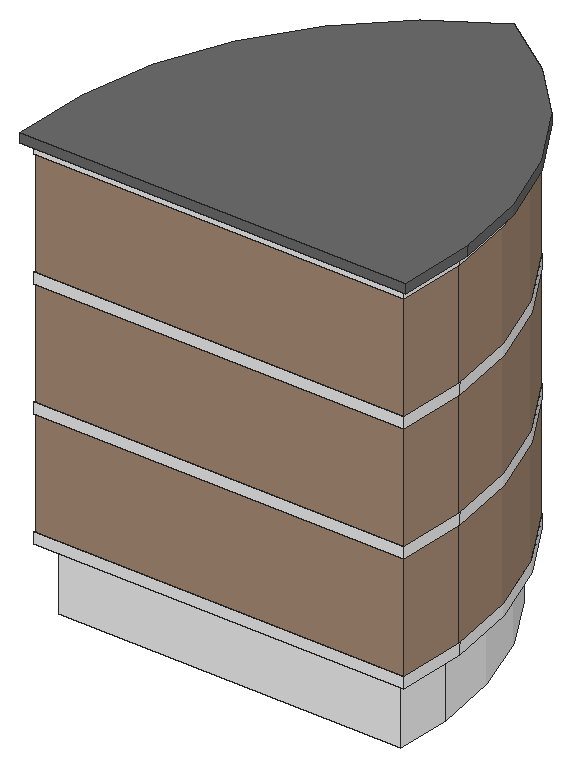
Revit family "JON_A3-Staircase-Joinery", category Generic Models, Revit 2016
Family settings
  Part Type = Normal
  Can host rebar = No
  Round Connector Dimension = Use Diameter
  Work Plane-Based = No
  Always vertical = Yes
  Cut with Voids When Loaded = No
  Shared = No
  Room Calculation Point = No
Reference planes
  plane 1 "Center (Front/Back)": y = 0
  plane 2: z = 0
  plane 3 "Center (Left/Right)": x = 0
  plane 4: y = 870
  plane 5: x = -445.846
  plane 6: x = 445.154
Forms (mm)
  Extrusion 1, solid, material "Aluminium 2"
    sketch origin (0, 0, 0) x (1, 0, 0) y (0, 1, 0)
      loop
        line (-395.154, 178.214) -> (-395.154, 50) -> (395.154, 50) -> (395.154, 178.214)
        arc (395.154, 178.214) -> (275.969, 544.257) -> (0, 812.647) r 802.3
        arc (0, 812.647) -> (-275.969, 544.257) -> (-395.154, 178.214) r 802.3
      loop
        arc (0, 789.375) -> (-261.892, 528.992) -> (-375.154, 177.484) r 782.3
        line (-375.154, 177.484) -> (-375.154, 70) -> (375.154, 70) -> (375.154, 177.484)
        arc (375.154, 177.484) -> (261.892, 528.992) -> (0, 789.375) r 782.3
    from 0 to 150
  Extrusion 2, solid, material "Merbou Timber"
    sketch origin (0, 0, 0) x (1, 0, 0) y (0, 1, 0)
      loop
        line (-425.154, 179.292) -> (-425.154, 20) -> (425.154, 20) -> (425.154, 179.292)
        arc (425.154, 179.292) -> (297.08, 567.032) -> (0, 847.189) r 832.3
        arc (0, 847.189) -> (-297.08, 567.032) -> (-425.154, 179.292) r 832.3
      loop
        line (-405.154, 178.576) -> (-405.154, 40) -> (405.154, 40) -> (405.154, 178.576)
        arc (405.154, 178.576) -> (283.007, 551.864) -> (0, 824.207) r 812.3
        arc (0, 824.207) -> (-283.007, 551.864) -> (-405.154, 178.576) r 812.3
    from 170 to 980
  Sweep 3, solid, material "Aluminium 2"
    path origin (0, 0, 0) x (1, 0, 0) y (0, 1, 0)
      loop
        arc (0, 847.189) -> (-297.08, 567.032) -> (-425.154, 179.292) r 832.3
        line (-425.154, 179.292) -> (-425.154, 20) -> (425.154, 20) -> (425.154, 179.292)
        arc (425.154, 179.292) -> (297.08, 567.032) -> (0, 847.189) r 832.3
    profile origin (-297.08, 567.032, 0) x (0.843588, -0.536991, 0) y (0, 0, 1)
      loop
        line (0, 150) -> (0, 173) -> (-2, 173) -> (-2, 148) -> (23, 148) -> (23, 150) -> (0, 150)
  Sweep 4, solid, material "Aluminium 2"
    path origin (0, 0, 80) x (1, 0, 0) y (0, 1, 0)
      loop
        arc (0, 847.189) -> (-297.08, 567.032) -> (-425.154, 179.292) r 832.3
        line (-425.154, 179.292) -> (-425.154, 20) -> (425.154, 20) -> (425.154, 179.292)
        arc (425.154, 179.292) -> (297.08, 567.032) -> (0, 847.189) r 832.3
    profile origin (-297.08, 567.032, 80) x (0.843588, -0.536991, 0) y (0, 0, 1)
      loop
        line (0, 900) -> (-2, 900) -> (-2, 875) -> (0, 875) -> (0, 900)
  Sweep 5, solid, material "Aluminium 2"
    path origin (0, 0, -189) x (1, 0, 0) y (0, 1, 0)
      loop
        arc (0, 847.189) -> (-297.08, 567.032) -> (-425.154, 179.292) r 832.3
        line (-425.154, 179.292) -> (-425.154, 20) -> (425.154, 20) -> (425.154, 179.292)
        arc (425.154, 179.292) -> (297.08, 567.032) -> (0, 847.189) r 832.3
    profile origin (-297.08, 567.032, -189) x (0.843588, -0.536991, 0) y (0, 0, 1)
      loop
        line (0, 900) -> (-2, 900) -> (-2, 875) -> (0, 875) -> (0, 900)
  Sweep 6, solid, material "Aluminium 2"
    path origin (0, 0, -458) x (1, 0, 0) y (0, 1, 0)
      loop
        arc (0, 847.189) -> (-297.08, 567.032) -> (-425.154, 179.292) r 832.3
        line (-425.154, 179.292) -> (-425.154, 20) -> (425.154, 20) -> (425.154, 179.292)
        arc (425.154, 179.292) -> (297.08, 567.032) -> (0, 847.189) r 832.3
    profile origin (-297.08, 567.032, -458) x (0.843588, -0.536991, 0) y (0, 0, 1)
      loop
        line (0, 900) -> (-2, 900) -> (-2, 875) -> (0, 875) -> (0, 900)
  Extrusion 7, solid, material "Merbou Timber"
    sketch origin (0, 0, 0) x (1, 0, 0) y (0, 1, 0)
      loop
        line (-425.154, 179.292) -> (-425.154, 20) -> (425.154, 20) -> (425.154, 179.292)
        arc (425.154, 179.292) -> (297.08, 567.032) -> (0, 847.189) r 832.3
        arc (0, 847.189) -> (-297.08, 567.032) -> (-425.154, 179.292) r 832.3
      loop
        line (-375.154, 70) -> (375.154, 70) -> (375.154, 177.484)
        arc (375.154, 177.484) -> (261.892, 528.992) -> (0, 789.375) r 782.3
        arc (0, 789.375) -> (-261.892, 528.992) -> (-375.154, 177.484) r 782.3
        line (-375.154, 177.484) -> (-375.154, 70)
    from 150 to 170
  Extrusion 8, solid, material "Wood - Dimensional Lumber"
    sketch origin (0, 0, 0) x (1, 0, 0) y (0, 1, 0)
      loop
        line (-37.937, 764.893) -> (-37.937, 718.221) -> (37.937, 718.221) -> (37.937, 764.893)
        arc (37.937, 764.893) -> (19.145, 777.408) -> (0, 789.375) r 782.3
        arc (0, 789.375) -> (-19.145, 777.408) -> (-37.937, 764.893) r 782.3
      loop
        line (-375.154, 70) -> (-337.154, 70) -> (-337.154, 108) -> (-375.154, 108) -> (-375.154, 70)
      loop
        line (375.154, 70) -> (375.154, 108) -> (337.154, 108) -> (337.154, 70) -> (375.154, 70)
    from 0 to 170
  Extrusion 9, solid, material "Wood - Dimensional Lumber"
    sketch origin (0, 0, 0) x (1, 0, 0) y (0, 1, 0)
      loop
        line (-375.154, 177.484) -> (-375.154, 70) -> (375.154, 70) -> (375.154, 177.484)
        arc (375.154, 177.484) -> (261.892, 528.992) -> (0, 789.375) r 782.3
        arc (0, 789.375) -> (-261.892, 528.992) -> (-375.154, 177.484) r 782.3
      loop
        line (-337.154, 176.071) -> (-337.154, 108) -> (337.154, 108) -> (337.154, 176.071)
        arc (337.154, 176.071) -> (235.135, 499.778) -> (0, 744.535) r 744.3
        arc (0, 744.535) -> (-235.135, 499.778) -> (-337.154, 176.071) r 744.3
    from 0 to 38
  Extrusion 10, solid, material "Wood - Dimensional Lumber"
    sketch origin (0, 0, 0) x (1, 0, 0) y (0, 1, 0)
      loop
        line (-375.154, 177.484) -> (-375.154, 70) -> (375.154, 70) -> (375.154, 177.484)
        arc (375.154, 177.484) -> (261.892, 528.992) -> (0, 789.375) r 782.3
        arc (0, 789.375) -> (-261.892, 528.992) -> (-375.154, 177.484) r 782.3
      loop
        line (-337.154, 176.071) -> (-337.154, 108) -> (337.154, 108) -> (337.154, 176.071)
        arc (337.154, 176.071) -> (235.135, 499.778) -> (0, 744.535) r 744.3
        arc (0, 744.535) -> (-235.135, 499.778) -> (-337.154, 176.071) r 744.3
    from 131.966 to 170
  Extrusion 11, solid, material "Wood - Dimensional Lumber"
    sketch origin (0, 0, 0) x (1, 0, 0) y (0, 1, 0)
      loop
        line (-405.154, 40) -> (-367.154, 40) -> (-367.154, 78) -> (-405.154, 78) -> (-405.154, 40)
      loop
        line (405.154, 40) -> (405.154, 78) -> (367.154, 78) -> (367.154, 40) -> (405.154, 40)
      loop
        line (-37.937, 800.979) -> (-37.937, 755.164) -> (37.937, 755.164) -> (37.937, 800.979)
        arc (37.937, 800.979) -> (19.127, 812.853) -> (0, 824.207) r 812.3
        arc (0, 824.207) -> (-19.127, 812.853) -> (-37.937, 800.979) r 812.3
      loop
        line (-317.828, 490.628) -> (-284.417, 472.503)
        arc (-284.417, 472.503) -> (-275.562, 489.315) -> (-266.297, 505.904) r 774.3
        line (-266.297, 505.904) -> (-299.708, 524.03)
        arc (-299.708, 524.03) -> (-308.963, 507.435) -> (-317.828, 490.628) r 812.3
      loop
        arc (317.828, 490.628) -> (308.963, 507.435) -> (299.708, 524.03) r 812.3
        line (299.708, 524.03) -> (266.297, 505.904)
        arc (266.297, 505.904) -> (275.562, 489.315) -> (284.417, 472.503) r 774.3
        line (284.417, 472.503) -> (317.828, 490.628)
    from 170 to 980
  Extrusion 12, solid, material "Wood - Dimensional Lumber"
    sketch origin (0, 0, 0) x (1, 0, 0) y (0, 1, 0)
      loop
        line (-405.154, 178.576) -> (-405.154, 40) -> (405.154, 40) -> (405.154, 178.576)
        arc (405.154, 178.576) -> (283.007, 551.864) -> (0, 824.207) r 812.3
        arc (0, 824.207) -> (-283.007, 551.864) -> (-405.154, 178.576) r 812.3
      loop
        line (-367.154, 177.189) -> (-367.154, 78) -> (367.154, 78) -> (367.154, 177.189)
        arc (367.154, 177.189) -> (256.26, 522.866) -> (0, 780.006) r 774.3
        arc (0, 780.006) -> (-256.26, 522.866) -> (-367.154, 177.189) r 774.3
    from 170 to 208
  Extrusion 13, solid, material "Wood - Dimensional Lumber"
    sketch origin (0, 0, 772) x (1, 0, 0) y (0, 1, 0)
      loop
        line (-405.154, 178.576) -> (-405.154, 40) -> (405.154, 40) -> (405.154, 178.576)
        arc (405.154, 178.576) -> (283.007, 551.864) -> (0, 824.207) r 812.3
        arc (0, 824.207) -> (-283.007, 551.864) -> (-405.154, 178.576) r 812.3
      loop
        line (-367.154, 177.189) -> (-367.154, 78) -> (367.154, 78) -> (367.154, 177.189)
        arc (367.154, 177.189) -> (256.26, 522.866) -> (0, 780.006) r 774.3
        arc (0, 780.006) -> (-256.26, 522.866) -> (-367.154, 177.189) r 774.3
    from 170 to 208
  Extrusion 14, solid, material "Wood - Dimensional Lumber"
    sketch origin (0, 0, 372) x (1, 0, 0) y (0, 1, 0)
      loop
        line (-405.154, 178.576) -> (-405.154, 40) -> (405.154, 40) -> (405.154, 178.576)
        arc (405.154, 178.576) -> (283.007, 551.864) -> (0, 824.207) r 812.3
        arc (0, 824.207) -> (-283.007, 551.864) -> (-405.154, 178.576) r 812.3
      loop
        line (-367.154, 177.189) -> (-367.154, 78) -> (367.154, 78) -> (367.154, 177.189)
        arc (367.154, 177.189) -> (256.26, 522.866) -> (0, 780.006) r 774.3
        arc (0, 780.006) -> (-256.26, 522.866) -> (-367.154, 177.189) r 774.3
    from 170 to 208
  Extrusion 15, solid, material "Finishes - Exterior - Flamed Granite"
    sketch origin (0, 0, 0) x (1, 0, 0) y (0, 1, 0)
      loop
        line (-445.154, 180) -> (-445.154, 0) -> (445.154, 0) -> (445.154, 180)
        arc (445.154, 180) -> (311.15, 582.143) -> (0, 870) r 852.3
        arc (0, 870) -> (-311.15, 582.143) -> (-445.154, 180) r 852.3
    from 980 to 1000
Cuts and joins
  joined: Extrusion 8, Extrusion 9, Extrusion 10
  joined: Extrusion 11, Extrusion 12, Extrusion 13, Extrusion 14
Dimensions and locks
  plane 5 to plane 3 "Center (Left/Right)" to plane 6 = 445.846 mm, 445.154 mm
